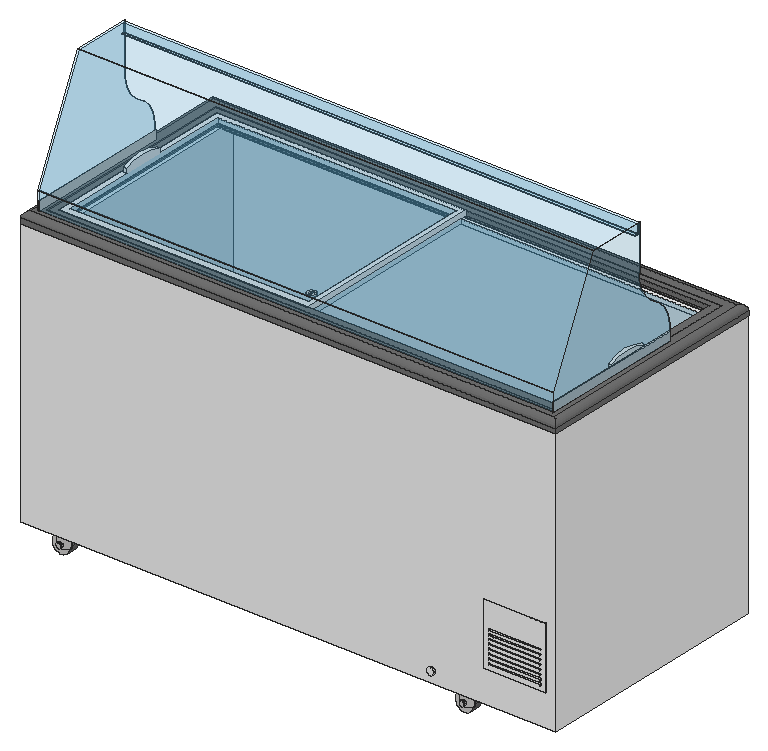
Revit family "Qf_Summit_NOVA53PDC_17 Cu.Ft. Dipping Cabinet", category Specialty Equipment, Revit 2020
Family settings
  Round Connector Dimension = Use Diameter
  Part Type = Normal
  Work Plane-Based = No
  Always vertical = Yes
  Cut with Voids When Loaded = No
  Shared = No
  Room Calculation Point = No
Parameters
  Weight in Pounds = 190
  Watts = FL Amps * Volts  # 483 W
  Volts = 115 V
  URL Cutsheet = ""
  Specification by User = ""
  Specification by Manufacturer = ""
  Show Clearance [instance] = yes
  Serial Number = ""
  Seismic Rating = ""
  SMACNA No = ""
  Revision Code = ""
  Refrigerant Volume = 0.00 kip
  Refrigerant Type = "R290a"
  Phase = 1
  Number of Poles = 1
  NAFEM Spec ID Number = ""
  Model = "NOVA53PDC"
  Min Ckt Ampacity = 0 A
  Max Overcurrent Protection = 0 A
  Masterspec = ""
  Manufacturer = "Summit"
  Length = 60 3/4"
  Item Number = ""
  Installed By = ""
  Identify Quantity as Lot = yes
  Height = 48 1/4"
  HP = ""
  Furnished By = ""
  Foodservice Equipment Identifier = yes
  FL Amps = 4.2 A
  Electrical Remarks = ""
  Electric Connection Type = ""
  Elec Conn RI Height = 0"
  Elec Conn Connection Height = 0"
  Description = "17 Cu.Ft. Dipping Cabinet"
  Depth = 27 1/4"
  Default Elevation = 0"
  Cycle = 60 Hz
  Conn Plug = ""
  Conn Conduit = yes
  CSI MasterFormat = ""
  Apparent Power = 828 VA
Reference planes (in)
  plane 1: z = 0
  plane 2 "LEFT": x = 0
  plane 3 "RIGHT": x = 60.75
  plane 4 "FRONT": y = -28
  plane 5 "TOP": z = 34.25
  plane 6 "Center Y": x = 30.375
  plane 7 "Center X": y = -14.375
  plane 8 "BACK": y = -0.75
  plane 9: z = 2.75
  plane 10: x = 0.75
  plane 11: x = 3.71343
  plane 12: x = 49.4375
  plane 13: x = 39.825
  plane 14: x = 31.95
  plane 15: x = 3.125
  plane 16: x = 57.625
  plane 17: z = 15.625
  plane 18: z = 5.875
  plane 19: x = 49.75
Forms (in)
  Sweep 1, solid, material "QF_Plastic_Dark_Grey"
    path origin (0, 0, 0) x (1, 0, 0) y (0, 1, 0)
      loop
        line (0, -0.75) -> (0, -28) -> (60.75, -28) -> (60.75, -0.75) -> (0, -0.75)
    profile origin (0, -14.375, 0) x (1, 0, 0) y (0, 0, 1)
      loop
        line (0, 33) -> (1.7, 33) -> (1.7, 34.25) -> (0.75, 34.25) -> (0.67874, 34.25)
        arc (0.67874, 34.25) -> (0.1988, 34.0512) -> (0, 33.57126) r 0.67874
        line (0, 33.57126) -> (0, 33)
  Extrusion 2, solid, material "QF_Metallic_Paint_White_Smooth"
    sketch origin (0, 0, 0) x (1, 0, 0) y (0, 1, 0)
      loop
        line (3.125, -27) -> (57.625, -27) -> (57.625, -1.75) -> (3.125, -1.75) -> (3.125, -27)
      loop
        line (60.75, -0.75) -> (0, -0.75) -> (0, -28) -> (60.75, -28) -> (60.75, -0.75)
    from 2.75 to 33
  Extrusion 3, solid, material "QF_Metallic_Paint_White_Smooth"
    sketch origin (0, 0, 0) x (1, 0, 0) y (0, 1, 0)
      loop
        line (2.4, -3.15) -> (2.4, -25.6) -> (30.625, -25.6) -> (30.625, -3.15) -> (2.4, -3.15)
      loop
        line (3.075, -3.8) -> (3.075, -24.8) -> (30.125, -24.8) -> (30.125, -3.8) -> (3.075, -3.8)
    from 33.70906 to 34.25
  Extrusion 4, solid, material "Glass"
    sketch origin (0, 0, 0) x (1, 0, 0) y (0, 1, 0)
      loop
        line (3.075, -3.8) -> (3.075, -24.8) -> (30.125, -24.8) -> (30.125, -3.8) -> (3.075, -3.8)
    from 33.63932 to 34.25
  Extrusion 5, solid, material "QF_Metallic_Paint_White_Smooth"
    sketch origin (0, -0.75, 0) x (1, 0, 0) y (0, 0, 1)
      loop
        line (1, 5.875) -> (1, 2.75) -> (59.75, 2.75) -> (59.75, 15.625) -> (49.75, 15.625) -> (49.75, 5.875) -> (1, 5.875)
    from 1 to 26.25
  Sweep 6, solid, material "QF_Plastic_Dark_Grey"
    path origin (30, 0, 34.27864) x (-1, 0, 0) y (0, -1, 0)
      loop
        line (27.7, 3.05) -> (27.7, 25.7) -> (-28.45, 25.7) -> (-28.45, 3.05) -> (27.7, 3.05)
    profile origin (30.375, -3.05, 34.27864) x (0, 1, 0) y (0, 0, 1)
      loop
        line (-0.1, -0.02864) -> (-0.1, -0.56958) -> (-0.33757, -0.56958) -> (-0.33757, -0.63932) -> (-0.1, -0.63932) -> (-0.1, -1.18026) -> (-0.33757, -1.18026) -> (-0.33757, -1.27864) -> (0.6, -1.27864) -> (0.6, -0.02864) -> (-0.1, -0.02864)
  Extrusion 7, solid, material "QF_Metallic_Paint_White_Smooth"
    sketch origin (30, 0, -0.61068) x (-1, 0, 0) y (0, -1, 0)
      loop
        line (-28.35, 3.15) -> (-0.125, 3.15) -> (-0.125, 25.45) -> (-28.35, 25.45) -> (-28.35, 3.15)
      loop
        line (-27.675, 3.8) -> (-0.625, 3.8) -> (-0.625, 24.8) -> (-27.675, 24.8) -> (-27.675, 3.8)
    from 33.70906 to 34.25
  Extrusion 8, solid, material "Glass"
    sketch origin (30, 0, -0.61068) x (-1, 0, 0) y (0, -1, 0)
      loop
        line (-27.675, 3.8) -> (-0.625, 3.8) -> (-0.625, 24.8) -> (-27.675, 24.8) -> (-27.675, 3.8)
    from 33.70906 to 34.25
  Extrusion 9, solid, material "QF_Metallic_Paint_White_Smooth"
    sketch origin (23.88, 0, 0) x (0, 1, 0) y (0, 0, 1)
      loop
        line (-16.73455, 34.25) -> (-12.01545, 34.25) -> (-12.01545, 34.75)
        arc (-12.01545, 34.75) -> (-14.375, 35.25) -> (-16.73455, 34.75) r 5.8175
        line (-16.73455, 34.75) -> (-16.73455, 34.25)
    from -21.18717 to -20.805
  Extrusion 10, solid, material "QF_Metallic_Paint_White_Smooth"
    sketch origin (6.12, 0, -0.61068) x (0, 1, 0) y (0, 0, -1)
      loop
        line (-16.73455, -34.25) -> (-16.73455, -34.75)
        arc (-16.73455, -34.75) -> (-14.375, -35.25) -> (-12.01545, -34.75) r 5.8175
        line (-12.01545, -34.75) -> (-12.01545, -34.25) -> (-16.73455, -34.25)
    from -51.93717 to -51.555
  Extrusion 11, solid, material "QF_Metallic_Paint_White_Smooth"
    sketch origin (0, -28, 0) x (1, 0, 0) y (0, 0, 1)
      loop
        line (52.625, 13.375) -> (52.625, 6.375) -> (59.625, 6.375) -> (59.625, 13.375) -> (52.625, 13.375)
      loop
        line (53.125, 10.625) -> (53.125, 10.375) -> (59.125, 10.375) -> (59.125, 10.625) -> (53.125, 10.625)
      loop
        line (59.125, 10.125) -> (53.125, 10.125) -> (53.125, 9.875) -> (59.125, 9.875) -> (59.125, 10.125)
      loop
        line (53.125, 9.625) -> (53.125, 9.375) -> (59.125, 9.375) -> (59.125, 9.625) -> (53.125, 9.625)
      loop
        line (59.125, 9.125) -> (53.125, 9.125) -> (53.125, 8.875) -> (59.125, 8.875) -> (59.125, 9.125)
      loop
        line (53.125, 8.625) -> (53.125, 8.375) -> (59.125, 8.375) -> (59.125, 8.625) -> (53.125, 8.625)
      loop
        line (59.125, 8.125) -> (53.125, 8.125) -> (53.125, 7.875) -> (59.125, 7.875) -> (59.125, 8.125)
      loop
        line (53.125, 7.625) -> (53.125, 7.375) -> (59.125, 7.375) -> (59.125, 7.625) -> (53.125, 7.625)
      loop
        line (59.125, 7.125) -> (53.125, 7.125) -> (53.125, 6.875) -> (59.125, 6.875) -> (59.125, 7.125)
    from 0 to 0.03125
  Extrusion 12, solid, material "QF_Metallic_Paint_White_Smooth"
    sketch origin (0, -0.75, 0) x (1, 0, 0) y (0, 0, 1)
      loop
        circle (57.75, 5.375) r 0.25
    from 0 to -0.23344
  Extrusion 13, solid, material "QF_Metallic_Paint_White_Smooth"
    sketch origin (0, -28, 0) x (1, 0, 0) y (0, 0, 1)
      loop
        circle (46.625, 4) r 0.40028
    from 0 to 0.15886
  Extrusion 14, solid, material "QF_Metal - Stainless - Polished"
    sketch origin (0.07561, 0.09001, 34.25) x (1, 0, 0) y (0, 1, 0)
      loop
        circle (29.29939, -23.52751) r 0.5
      loop
        circle (29.29939, -23.52751) r 0.25
      loop
        arc (29.33064, -23.57767) -> (29.29939, -23.46841) -> (29.26814, -23.57767) r 0.0591
        line (29.26814, -23.57767) -> (29.26814, -23.72445)
        arc (29.26814, -23.72445) -> (29.29939, -23.7557) -> (29.33064, -23.72445) r 0.03125
        line (29.33064, -23.72445) -> (29.33064, -23.57767)
    from 0.04239 to -0.05358
Cuts and joins
  joined: Extrusion 2, Extrusion 5, Extrusion 11, Extrusion 12
  joined: Extrusion 3, Extrusion 9
  joined: Extrusion 7, Extrusion 10
Lines and regions (in)
  Split face 1
    outline origin (52.625, -28.03125, 13.375) x (-1, 0, 0) y (0, 0, -1)
      loop
        arc (-2, 1.7125) -> (-2.02929, 1.78321) -> (-2.1, 1.8125) r 0.1
        line (-2.1, 1.8125) -> (-4.9, 1.8125)
        arc (-4.9, 1.8125) -> (-4.97071, 1.78321) -> (-5, 1.7125) r 0.1
        line (-5, 1.7125) -> (-5, 0.6)
        arc (-5, 0.6) -> (-4.97071, 0.52929) -> (-4.9, 0.5) r 0.1
        line (-4.9, 0.5) -> (-2.1, 0.5)
        arc (-2.1, 0.5) -> (-2.02929, 0.52929) -> (-2, 0.6) r 0.1
        line (-2, 0.6) -> (-2, 1.7125)
  Split face 2
    outline origin (52.625, -28.03125, 13.375) x (-1, 0, 0) y (0, 0, -1)
      loop
        line (-2.625, 0.6875) -> (-2.625, 1.375) -> (-4.374, 1.375) -> (-4.374, 0.6875) -> (-2.625, 0.6875)
  Split face 3
    outline origin (52.625, -28.03125, 13.375) x (-1, 0, 0) y (0, 0, -1)
      loop
        arc (-2.4061, 0.67406) -> (-2.3125, 0.54855) -> (-2.2189, 0.67406) r 0.09766
        arc (-2.2189, 0.67406) -> (-2.24545, 0.75668) -> (-2.26367, 0.84152) r 0.87424
        line (-2.26367, 0.84152) -> (-2.26974, 0.93917) -> (-2.35526, 0.93917) -> (-2.36133, 0.84152)
        arc (-2.36133, 0.84152) -> (-2.37955, 0.75668) -> (-2.4061, 0.67406) r 0.87424
  Split face 4
    outline origin (52.625, -28.03125, 13.375) x (-1, 0, 0) y (0, 0, -1)
      loop
        line (-4.59026, 0.82885) -> (-4.6875, 0.81322) -> (-4.78474, 0.82885) -> (-4.6875, 0.66041) -> (-4.59026, 0.82885)
  Split face 5
    outline origin (52.625, -28.03125, 13.375) x (-1, 0, 0) y (0, 0, -1)
      loop
        line (-4.6875, 1.09273) -> (-4.59026, 1.07711) -> (-4.6875, 1.24554) -> (-4.78474, 1.07711) -> (-4.6875, 1.09273)
  Split face 6
    outline origin (52.625, -28.03125, 13.375) x (-1, 0, 0) y (0, 0, -1)
      loop
        arc (-4.67187, 1.54954) -> (-4.6875, 1.73573) -> (-4.70312, 1.54954) r 0.09375
        line (-4.70312, 1.54954) -> (-4.70312, 1.48913) -> (-4.67187, 1.48913) -> (-4.67187, 1.54954)
  symbolic lines
    curve 1: line (0, -0.75, 0) -> (60.75, -0.75, 0)
    curve 2: line (0, -28, 0) -> (0, -0.75, 0)
    curve 3: line (60.75, -28, 0) -> (0, -28, 0)
    curve 4: line (60.75, -0.75, 0) -> (60.75, -28, 0)
    curve 5: line (1, -27, 0) -> (1, -1.75, 0)
    curve 6: line (1, -1.75, 0) -> (59.75, -1.75, 0)
    curve 7: line (59.75, -1.75, 0) -> (59.75, -27, 0)
    curve 8: line (59.75, -27, 0) -> (1, -27, 0)
    curve 9: line (59.05, -2.45, 0) -> (1.7, -2.45, 0)
    curve 10: line (1.7, -2.45, 0) -> (1.7, -26.3, 0)
    curve 11: line (1.7, -26.3, 0) -> (59.05, -26.3, 0)
    curve 12: line (59.05, -26.3, 0) -> (59.05, -2.45, 0)
    curve 13: line (2.4, -25.6, 0) -> (2.4, -3.15, 0)
    curve 14: line (2.4, -3.15, 0) -> (58.35, -3.15, 0)
    curve 15: line (58.35, -3.15, 0) -> (58.35, -25.6, 0)
    curve 16: line (58.35, -25.6, 0) -> (2.4, -25.6, 0)
    curve 17: line (30.125, -3.8, 0) -> (3.075, -3.8, 0)
    curve 18: line (3.075, -3.8, 0) -> (3.075, -24.8, 0)
    curve 19: line (3.075, -24.8, 0) -> (30.125, -24.8, 0)
    curve 20: line (30.125, -24.8, 0) -> (30.125, -3.8, 0)
    curve 21: line (30.625, -25.6, 0) -> (30.625, -3.15, 0)
    curve 22: line (30.625, -3.8, 0) -> (57.675, -3.8, 0)
    curve 23: line (57.675, -24.8, 0) -> (30.625, -24.8, 0)
    curve 24: line (57.675, -3.8, 0) -> (57.675, -24.8, 0)
    curve 25: arc (28.875, -23.4375, 0) -> (29.375, -23.9375, 0) -> (29.875, -23.4375, 0) r 0.5
    curve 26: arc (29.875, -23.4375, 0) -> (29.375, -22.9375, 0) -> (28.875, -23.4375, 0) r 0.5
    curve 27: arc (29.625, -23.4375, 0) -> (29.375, -23.6875, 0) -> (29.125, -23.4375, 0) r 0.25
    curve 28: arc (29.125, -23.4375, 0) -> (29.375, -23.1875, 0) -> (29.625, -23.4375, 0) r 0.25
    curve 29: line (29.40625, -23.63444, 0) -> (29.40625, -23.48766, 0)
    curve 30: arc (29.40625, -23.48766, 0) -> (29.375, -23.3784, 0) -> (29.34375, -23.48766, 0) r 0.0591
    curve 31: line (29.34375, -23.48766, 0) -> (29.34375, -23.63444, 0)
    curve 32: arc (29.34375, -23.63444, 0) -> (29.375, -23.66569, 0) -> (29.40625, -23.63444, 0) r 0.03125
    curve 33: line (3.075, -12.01545, 0) -> (2.69283, -12.01545, 0)
    curve 34: line (2.69283, -12.01545, 0) -> (2.69283, -16.73455, 0)
    curve 35: line (2.69283, -16.73455, 0) -> (3.075, -16.73455, 0)
    curve 36: line (57.675, -12.01545, 0) -> (58.05717, -12.01545, 0)
    curve 37: line (58.05717, -12.01545, 0) -> (58.05717, -16.73455, 0)
    curve 38: line (58.05717, -16.73455, 0) -> (57.675, -16.73455, 0)
    curve 39: line (49.75, -3.8, 0) -> (49.75, -24.8, 0)
Dimensions and locks (in)
  equal spacing: plane 2 "LEFT", plane 6 "Center Y", plane 3 "RIGHT"
  "Length": plane 2 "LEFT" to plane 3 "RIGHT"
  equal spacing: plane 4 "FRONT", plane 7 "Center X", plane 8 "BACK"
  nested 5 to level = 48 1/4"
  plane 3 "RIGHT" to plane 2 "LEFT" = 60 3/4"
  plane 5 "TOP" to level = 34 1/4"  (x2)
  "Depth": plane 4 "FRONT" to plane 8 "BACK"
  plane 9 to level = 2 3/4"
  locked: plane 11 to plane 2 "LEFT" at 3.71343
  locked: plane 3 "RIGHT" to plane 12 at 11.3125
  plane 5 "TOP" to cut or joined group of Extrusion 2, Extrusion 5, Extrusion 11, Extrusion 12 = 31 1/2"
  Extrusion 2 sketch curve to plane 3 "RIGHT" = 3 1/8"
  plane 13 to Extrusion 5 sketch curve = 9.925"
  locked: Extrusion 5 sketch curve to plane 3 "RIGHT" at 1
  locked: Sweep 6 sketch curve to plane 3 "RIGHT" at 2.3
  Extrusion 3 sketch curve to plane 6 "Center Y" to Extrusion 3 sketch curve = 1/4" locked, 1/4" locked
  cut or joined group of Extrusion 7, Extrusion 10 to cut or joined group of Extrusion 7, Extrusion 10 to cut or joined group of Extrusion 7, Extrusion 10 to plane 3 "RIGHT" = 0" locked, 0.38217", 2.69283"
  nested 5 to plane 5 "TOP" = 14"
  plane 15 to plane 16 = 54 1/2"
  locked: plane 16 to plane 19 at 7.875
  locked: plane 17 to plane 18 at 9.75
  plane 18 to level = 5 7/8"
  aligned and locked: level to plane 1
  aligned and locked: nested 1 to plane 11
  aligned and locked: nested 2 to plane 11
  aligned and locked: nested 3 to plane 12
  aligned and locked: nested 4 to plane 12
  aligned and locked: Extrusion 3 to Extrusion 4  (x3)
  aligned and locked: Extrusion 8 to Extrusion 7  (x3)
  aligned and locked: Extrusion 2 sketch curve to plane 3 "RIGHT"
  aligned and locked: Sweep 1 sketch curve to plane 3 "RIGHT"
  aligned and locked: cut or joined group of Extrusion 7, Extrusion 10 to cut or joined group of Extrusion 7, Extrusion 10
  aligned and locked: plane 6 "Center Y" to nested 5
  aligned and locked: nested 5 to plane 5 "TOP"
  aligned and locked: plane 18 to cut or joined group of Extrusion 2, Extrusion 5, Extrusion 11, Extrusion 12
  aligned and locked: plane 17 to cut or joined group of Extrusion 2, Extrusion 5, Extrusion 11, Extrusion 12
  aligned and locked: cut or joined group of Extrusion 2, Extrusion 5, Extrusion 11, Extrusion 12 to plane 16
Automatic sketch dimensions
  Extrusion 9 sketch curve to plane 5 "TOP" = 0"
  Extrusion 9 sketch curve to plane 7 "Center X" = 0"
  Extrusion 9 sketch curve to plane 7 "Center X" = 2.35955"
  plane 5 "TOP" to Extrusion 9 sketch curve = 1/2"
  plane 7 "Center X" to Extrusion 9 sketch curve = 2.35955"
  Extrusion 9 sketch curve to plane 5 "TOP" = 4.8175"
  Extrusion 10 sketch curve to plane 5 "TOP" = 0.61068"
  Extrusion 10 sketch curve to plane 7 "Center X" = 0"
  Extrusion 10 sketch curve to plane 7 "Center X" = 2.35955"
  Extrusion 10 sketch curve to plane 5 "TOP" = 0.11068"
  plane 7 "Center X" to Extrusion 10 sketch curve = 2.35955"
  Extrusion 10 sketch curve to plane 5 "TOP" = 5.42818"
  Sweep 1 sketch curve to plane 2 "LEFT" = 0"
  plane 4 "FRONT" to Sweep 1 sketch curve = 0"
  plane 8 "BACK" to Sweep 1 sketch curve = 0"
  profile plane to Sweep 1 sketch curve = 0"
  plane 10 to Sweep 1 sketch curve = 0"
  Sweep 1 sketch curve to Sweep 1 sketch curve = 0.07126"
  Sweep 1 sketch curve to plane 10 = 0.95"
  level to Sweep 1 sketch curve = 33"
  Sweep 1 sketch curve to Sweep 1 sketch curve = 0.57126"
  Extrusion 2 sketch curve to plane 2 "LEFT" = 0"
  Extrusion 2 sketch curve to plane 15 = 0"
  plane 4 "FRONT" to Extrusion 2 sketch curve = 0"
  plane 8 "BACK" to Extrusion 2 sketch curve = 0"
  Extrusion 2 sketch curve to plane 4 "FRONT" = 1"
  plane 8 "BACK" to Extrusion 2 sketch curve = 1"
  plane 15 to Extrusion 3 sketch curve = 0.05"
  plane 15 to Extrusion 3 sketch curve = 0.725"
  Extrusion 3 sketch curve to plane 4 "FRONT" = 2.4"
  Extrusion 3 sketch curve to Extrusion 3 sketch curve = 0.8"
  plane 8 "BACK" to Extrusion 3 sketch curve = 3.05"
  Extrusion 3 sketch curve to Extrusion 3 sketch curve = 0.65"
  plane 15 to Extrusion 4 sketch curve = 0.05"
  Extrusion 4 sketch curve to plane 6 "Center Y" = 1/4"
  Extrusion 4 sketch curve to plane 4 "FRONT" = 3.2"
  plane 8 "BACK" to Extrusion 4 sketch curve = 3.05"
  Extrusion 5 sketch curve to plane 18 = 0"
  Extrusion 5 sketch curve to plane 9 = 0"
  Extrusion 5 sketch curve to plane 17 = 0"
  plane 2 "LEFT" to Extrusion 5 sketch curve = 1"
  plane 15 to Sweep 6 sketch curve = 0.825"
  plane 8 "BACK" to Sweep 6 sketch curve = 2.3"
  Sweep 6 sketch curve to plane 4 "FRONT" = 2.3"
  profile plane to Sweep 6 sketch curve = 0.33757"  (x2)
  profile plane to Sweep 6 sketch curve = 0.1"
  Sweep 6 sketch curve to Sweep 6 sketch curve = 0"
  Sweep 6 sketch curve to profile plane = 0.02864"
  Sweep 6 sketch curve to profile plane = 0.6"
  Sweep 6 sketch curve to profile plane = 0.56958"
  Sweep 6 sketch curve to Sweep 6 sketch curve = 0.06974"
  Sweep 6 sketch curve to Sweep 6 sketch curve = 0.54094"
  Sweep 6 sketch curve to Sweep 6 sketch curve = 0.09838"
  Extrusion 7 sketch curve to plane 16 = 0.725"
  Extrusion 7 sketch curve to plane 16 = 0.05"
  Extrusion 7 sketch curve to plane 6 "Center Y" = 1/4"
  plane 6 "Center Y" to Extrusion 7 sketch curve = 1/4"
  plane 4 "FRONT" to Extrusion 7 sketch curve = 2.55"
  Extrusion 7 sketch curve to Extrusion 7 sketch curve = 0.65"  (x2)
  Extrusion 7 sketch curve to plane 8 "BACK" = 3.05"
  Extrusion 8 sketch curve to plane 16 = 0.05"
  Extrusion 8 sketch curve to plane 6 "Center Y" = 1/4"
  plane 4 "FRONT" to Extrusion 8 sketch curve = 3.2"
  Extrusion 8 sketch curve to plane 8 "BACK" = 3.05"
  plane 18 to Extrusion 11 sketch curve = 1/2"
  plane 19 to Extrusion 11 sketch curve = 2 7/8"
  Extrusion 11 sketch curve to Extrusion 11 sketch curve = 1/2"  (x4)
  Extrusion 11 sketch curve to Extrusion 11 sketch curve = 0"  (x13)
  plane 16 to Extrusion 11 sketch curve = 1 1/2"
  Extrusion 11 sketch curve to Extrusion 11 sketch curve = 1/4"  (x15)
  Extrusion 11 sketch curve to plane 17 = 2 1/4"
  cut or joined group of Extrusion 2, Extrusion 5, Extrusion 11, Extrusion 12 to Split face 1 sketch curve = 1 1/2"
  Split face 1 sketch curve to Split face 1 sketch curve = 0.1"  (x3)
  Split face 1 sketch curve to cut or joined group of Extrusion 2, Extrusion 5, Extrusion 11, Extrusion 12 = 0.6"
  cut or joined group of Extrusion 2, Extrusion 5, Extrusion 11, Extrusion 12 to Split face 1 sketch curve = 1.6"
  Split face 1 sketch curve to Split face 1 sketch curve = 0"
  Split face 1 sketch curve to cut or joined group of Extrusion 2, Extrusion 5, Extrusion 11, Extrusion 12 = 1.0375"
  Split face 2 sketch curve to cut or joined group of Extrusion 2, Extrusion 5, Extrusion 11, Extrusion 12 = 11/16"
  cut or joined group of Extrusion 2, Extrusion 5, Extrusion 11, Extrusion 12 to Split face 2 sketch curve = 2.126"
  Split face 2 sketch curve to Split face 2 sketch curve = 1.749"
  Split face 2 sketch curve to Split face 2 sketch curve = 11/16"
  Split face 3 sketch curve to cut or joined group of Extrusion 2, Extrusion 5, Extrusion 11, Extrusion 12 = 0.98248"
  cut or joined group of Extrusion 2, Extrusion 5, Extrusion 11, Extrusion 12 to Split face 3 sketch curve = 2.72413"
  Split face 3 sketch curve to cut or joined group of Extrusion 2, Extrusion 5, Extrusion 11, Extrusion 12 = 0.84152"  (x2)
  Split face 3 sketch curve to Split face 3 sketch curve = 0.8628"
  Split face 3 sketch curve to Split face 3 sketch curve = 0.00606"
  Split face 3 sketch curve to Split face 3 sketch curve = 0.04883"
  Split face 3 sketch curve to Split face 3 sketch curve = 0.08553"
  Split face 3 sketch curve to Split face 3 sketch curve = 25/256"  (x2)
  Split face 3 sketch curve to Split face 3 sketch curve = 0.86886"
  Split face 3 sketch curve to Split face 3 sketch curve = 25/128"
  Split face 3 sketch curve to Split face 3 sketch curve = 0.04331"
  Split face 3 sketch curve to Split face 3 sketch curve = 0.0936"
  Split face 4 sketch curve to cut or joined group of Extrusion 2, Extrusion 5, Extrusion 11, Extrusion 12 = 0.82885"  (x2)
  cut or joined group of Extrusion 2, Extrusion 5, Extrusion 11, Extrusion 12 to Split face 4 sketch curve = 1.71526"
  Split face 4 sketch curve to cut or joined group of Extrusion 2, Extrusion 5, Extrusion 11, Extrusion 12 = 0.66041"
  Split face 4 sketch curve to Split face 4 sketch curve = 0.09724"  (x3)
  Split face 4 sketch curve to cut or joined group of Extrusion 2, Extrusion 5, Extrusion 11, Extrusion 12 = 0.81322"
  cut or joined group of Extrusion 2, Extrusion 5, Extrusion 11, Extrusion 12 to Split face 5 sketch curve = 1.71526"
  Split face 5 sketch curve to Split face 5 sketch curve = 0.09724"  (x2)
  Split face 5 sketch curve to Split face 5 sketch curve = 0"  (x2)
  Split face 5 sketch curve to cut or joined group of Extrusion 2, Extrusion 5, Extrusion 11, Extrusion 12 = 1.07711"
  Split face 5 sketch curve to Split face 5 sketch curve = 1/64"
  Split face 5 sketch curve to Split face 5 sketch curve = 0.15281"
  cut or joined group of Extrusion 2, Extrusion 5, Extrusion 11, Extrusion 12 to Split face 6 sketch curve = 1 51/64"
  Split face 6 sketch curve to Split face 6 sketch curve = 1/64"
  Split face 6 sketch curve to Split face 6 sketch curve = 1/32"
  Split face 6 sketch curve to cut or joined group of Extrusion 2, Extrusion 5, Extrusion 11, Extrusion 12 = 1.26087"
  Split face 6 sketch curve to Split face 6 sketch curve = 0.06041"
  Split face 6 sketch curve to Split face 6 sketch curve = 0.09244"
  plane 16 to Extrusion 12 sketch curve = 1/8"
  Extrusion 12 sketch curve to plane 18 = 1/2"
  Extrusion 13 sketch curve to plane 9 = 1 1/4"
  Extrusion 13 sketch curve to plane 12 = 2 13/16"
  Extrusion 14 sketch curve to Extrusion 14 sketch curve = 0"  (x6)
  Extrusion 14 sketch curve to Extrusion 4 = 25/32"
  Extrusion 14 sketch curve to Extrusion 14 sketch curve = 1/32"  (x2)
  Extrusion 14 sketch curve to Extrusion 4 = 1.16556"
  Extrusion 14 sketch curve to Extrusion 14 sketch curve = 0.14678"
  Extrusion 14 sketch curve to Extrusion 14 sketch curve = 0.05016"
  curve 25 to curve 27 = 0"  (x2)
  curve 25 to curve 30 = 0"  (x2)
  curve 3 to plane 2 "LEFT" = 0"
  curve 39 to plane 19 = 0"
  curve 4 to plane 3 "RIGHT" = 0"
  plane 4 "FRONT" to curve 3 = 0"
  plane 8 "BACK" to curve 2 = 0"
  plane 2 "LEFT" to curve 5 = 1"
  curve 5 to curve 10 = 0.7"
  plane 15 to curve 14 = 0.725"
  plane 15 to curve 34 = 0.43217"
  plane 15 to curve 17 = 0.05"
  curve 31 to plane 6 "Center Y" = 1 1/32"
  curve 31 to curve 26 = 1/32"
  curve 31 to curve 32 = 1/32"
  curve 20 to plane 6 "Center Y" = 1/4"
  plane 16 to curve 22 = 0.05"
  curve 36 to curve 37 = 0.38217"
  plane 16 to curve 15 = 0.725"
  curve 15 to curve 12 = 0.7"
  curve 11 to curve 8 = 0.7"
  curve 7 to plane 4 "FRONT" = 1"
  curve 5 to curve 11 = 0.7"
  curve 10 to curve 16 = 0.7"
  curve 13 to curve 19 = 0.8"
  curve 15 to curve 24 = 0.8"
  curve 19 to curve 29 = 1.16556"
  curve 29 to curve 29 = 0.14678"
  curve 31 to curve 28 = 0.05016"
  curve 34 to plane 7 "Center X" = 2.35955"
  curve 38 to plane 7 "Center X" = 2.35955"
  plane 7 "Center X" to curve 37 = 2.35955"
  plane 7 "Center X" to curve 34 = 2.35955"
  plane 8 "BACK" to curve 22 = 3.05"
  curve 20 to curve 22 = 0"
  curve 22 to curve 15 = 0.65"
  curve 14 to curve 12 = 0.7"
  curve 9 to curve 6 = 0.7"
  curve 26 to curve 30 = 15/32"
  curve 27 to curve 30 = 7/32"
  plane 6 "Center Y" to curve 22 = 1/4"
  radius of Extrusion 12 sketch curve = 1/4"
  radius of Extrusion 13 sketch curve = 0.40028"
  radius of Extrusion 14 sketch curve = 1/2"
  radius of Extrusion 14 sketch curve = 1/4"
Nested families (in)
  nested 1: "2-34 INCHES_CASTER" at (3.71343, -25.875, 0) x (0, -1, 0) z (0, 0, 1), type "2-34 INCHES_CASTER"
    with Type Mark "", Specification by User "", Show 4.25" Casters yes, Right Lock yes, Revision Code "", Left Lock yes, Item Number "", Installed By "", Identify Quantity as Lot yes, Furnished By "", Foodservice Equipment Identifier yes
  nested 2: "2-34 INCHES_CASTER" at (3.71343, -2.875, 0) x (0, -1, 0) z (0, 0, 1), type "2-34 INCHES_CASTER"
    with Type Mark "", Specification by User "", Show 4.25" Casters yes, Right Lock yes, Revision Code "", Left Lock yes, Item Number "", Installed By "", Identify Quantity as Lot yes, Furnished By "", Foodservice Equipment Identifier yes
  nested 3: "2-34 INCHES_CASTER" at (49.4375, -25.875, 0) x (0, -1, 0) z (0, 0, 1), type "2-34 INCHES_CASTER"
    with Type Mark "", Specification by User "", Show 4.25" Casters yes, Right Lock yes, Revision Code "", Left Lock yes, Item Number "", Installed By "", Identify Quantity as Lot yes, Furnished By "", Foodservice Equipment Identifier yes
  nested 4: "2-34 INCHES_CASTER" at (49.4375, -2.875, 0) x (0, -1, 0) z (0, 0, 1), type "2-34 INCHES_CASTER"
    with Type Mark "", Specification by User "", Show 4.25" Casters yes, Right Lock yes, Revision Code "", Left Lock yes, Item Number "", Installed By "", Identify Quantity as Lot yes, Furnished By "", Foodservice Equipment Identifier yes
  nested 5: "FSNEEZEGUARD for NOVA 53" at (3.3, 3.25, 33), type "FSNEEZEGUARD for NOVA 53"
Connectors (in)
  electrical at (57.75, -0.51656, 5.375)
    settings: on cut or joined group of Extrusion 2, Extrusion 5, Extrusion 11, Extrusion 12, index 1, voltage 0 V, apparent load 0 VA, apparent load phase1 0 VA, apparent load phase2 0 VA, apparent load phase3 0 VA, power factor 1, load classification "Other", number of poles 1, system type 31, power factor state 1, is connector primary yes, connector utility no, sub classification motor no, connector description "Electrical Inlet"
  piping at (46.625, -28.15886, 4), diameter 0.75
    settings: on Extrusion 13, index 2, connector inside diameter 24", connector length 0", flow factor 0, pipe flow 0 GPM, pressure drop 0.00 psi, fitting loss kfactor 0, connector angle 0.00°, fixture units 0, engagement length 0", angle of deflection 0.00°, flow configuration 1, flow direction 2, fitting loss method 0, system type 16, joint type 0, gender type 0, connector reference index -1, connector utility 0, adjustable connector no, is connector primary yes, connector description "Drain"
Definition of nested family "2-34 INCHES_CASTER"
  Parameters (values of type "2-34 INCHES_CASTER")
    Weight = ""
    URL Manufacturer = ""
    URL Cutsheet = ""
    URL = ""
    Type Mark [instance] = ""
    Specification by User [instance] = ""
    Specification by Manufacturer = ""
    Show 4.25" Casters [instance] = yes
    Serial Number = ""
    Seismic Rating = ""
    SMACNA No = ""
    Right Lock [instance] = yes
    Revision Code [instance] = ""
    Omniclass Number and Title = ""
    NAFEM Spec ID Number = ""
    Model = ""
    MasterSpec. = ""
    Manufacturer = ""
    Left Lock [instance] = yes
    Item Number [instance] = ""
    Installed By [instance] = ""
    Identify Quantity as Lot [instance] = yes
    Furnished By [instance] = ""
    Foodservice Equipment Identifier [instance] = yes
    Description = ""
    Default Elevation = 0"
    CSI MasterFormat = ""
    CSI Master Format = ""
    Assembly Code = ""
  Reference planes (in)
    plane 1: z = 0
    plane 2 "RIGHT": x = 0
    plane 3 "FRONT": y = 0
    plane 4 "TOP": z = 2.74
    plane 5: z = 2.74
  Forms (in)
    Extrusion 1, solid, visible <- "Show 4.25" Casters"
      sketch origin (-0.60795, -3.50665, 0) x (0, 1, 0) y (0, 0, 1)
        loop
          arc (4.4375, 2.09375) -> (4.42835, 2.11585) -> (4.40625, 2.125) r 0.03125
          line (4.40625, 2.125) -> (4.34375, 2.125)
          arc (4.34375, 2.125) -> (4.32165, 2.13415) -> (4.3125, 2.15625) r 0.03125
          line (4.3125, 2.15625) -> (4.3125, 2.59375)
          arc (4.3125, 2.59375) -> (4.32165, 2.61585) -> (4.34375, 2.625) r 0.03125
          line (4.34375, 2.625) -> (4.625, 2.625) -> (4.625, 2.75) -> (2.625, 2.75) -> (2.625, 2.625) -> (2.90625, 2.625)
          arc (2.90625, 2.625) -> (2.92835, 2.61585) -> (2.9375, 2.59375) r 0.03125
          line (2.9375, 2.59375) -> (2.9375, 2.15625)
          arc (2.9375, 2.15625) -> (2.92835, 2.13415) -> (2.90625, 2.125) r 0.03125
          line (2.90625, 2.125) -> (2.84375, 2.125)
          arc (2.84375, 2.125) -> (2.82165, 2.11585) -> (2.8125, 2.09375) r 0.03125
          line (2.8125, 2.09375) -> (2.8125, 0.75)
          arc (2.8125, 0.75) -> (2.84911, 0.66161) -> (2.9375, 0.625) r 0.125
          line (2.9375, 0.625) -> (3.3125, 0.625) -> (4.35203, 0.97151)
          arc (4.35203, 0.97151) -> (4.41391, 1.01701) -> (4.4375, 1.09009) r 0.125
          line (4.4375, 1.09009) -> (4.4375, 2.09375)
      from 0 to -0.09291
    Extrusion 2, solid, visible <- "Show 4.25" Casters"
      sketch origin (-0.60795, -3.50665, 0) x (0, 1, 0) y (0, 0, 1)
        loop
          line (4.625, 2.75) -> (2.625, 2.75) -> (2.625, 2.625) -> (4.625, 2.625) -> (4.625, 2.75)
      from 0 to 1.2159
    Extrusion 3, solid, visible <- "Show 4.25" Casters"
      sketch origin (-0.60795, -3.50665, 0) x (0, 1, 0) y (0, 0, 1)
        loop
          line (3.46896, 1.1625) -> (3.1875, 1.325) -> (2.90604, 1.1625) -> (2.90604, 0.8375) -> (3.1875, 0.675) -> (3.46896, 0.8375) -> (3.46896, 1.1625)
      from -0.27106 to -0.09291
    Extrusion 4, solid, visible <- "Show 4.25" Casters"
      sketch origin (-0.60795, -3.50665, 0) x (0, 1, 0) y (0, 0, 1)
        loop
          circle (3.1875, 1) r 0.28146
      from -0.31535 to 1.53554
    Extrusion 5, solid, visible <- "Show 4.25" Casters"
      sketch origin (-0.60795, -3.50665, 0) x (0, 1, 0) y (0, 0, 1)
        loop
          circle (3.1875, 1) r 1
      from 0.03554 to 1.18465
    Extrusion 6, solid, visible <- "Show 4.25" Casters"
      sketch origin (-0.60795, -3.50665, 0) x (0, 1, 0) y (0, 0, 1)
        loop
          line (2.90625, 2.125) -> (2.84375, 2.125)
          arc (2.84375, 2.125) -> (2.82165, 2.11585) -> (2.8125, 2.09375) r 0.03125
          line (2.8125, 2.09375) -> (4.4375, 2.09375)
          arc (4.4375, 2.09375) -> (4.42835, 2.11585) -> (4.40625, 2.125) r 0.03125
          line (4.40625, 2.125) -> (4.34375, 2.125)
          arc (4.34375, 2.125) -> (4.32165, 2.13415) -> (4.3125, 2.15625) r 0.03125
          line (4.3125, 2.15625) -> (4.3125, 2.59375)
          arc (4.3125, 2.59375) -> (4.32165, 2.61585) -> (4.34375, 2.625) r 0.03125
          line (4.34375, 2.625) -> (2.90625, 2.625)
          arc (2.90625, 2.625) -> (2.92835, 2.61585) -> (2.9375, 2.59375) r 0.03125
          line (2.9375, 2.59375) -> (2.9375, 2.15625)
          arc (2.9375, 2.15625) -> (2.92835, 2.13415) -> (2.90625, 2.125) r 0.03125
      from 0 to 1.2159
    Extrusion 7, solid, visible <- "Show 4.25" Casters"
      sketch origin (0.60795, -3.50665, 0) x (0, 1, 0) y (0, 0, -1)
        loop
          line (4.4375, -2.09375) -> (4.4375, -1.09009)
          arc (4.4375, -1.09009) -> (4.41391, -1.01701) -> (4.35203, -0.97151) r 0.125
          line (4.35203, -0.97151) -> (3.3125, -0.625) -> (2.9375, -0.625)
          arc (2.9375, -0.625) -> (2.84911, -0.66161) -> (2.8125, -0.75) r 0.125
          line (2.8125, -0.75) -> (2.8125, -2.09375)
          arc (2.8125, -2.09375) -> (2.82165, -2.11585) -> (2.84375, -2.125) r 0.03125
          line (2.84375, -2.125) -> (2.90625, -2.125)
          arc (2.90625, -2.125) -> (2.92835, -2.13415) -> (2.9375, -2.15625) r 0.03125
          line (2.9375, -2.15625) -> (2.9375, -2.59375)
          arc (2.9375, -2.59375) -> (2.92835, -2.61585) -> (2.90625, -2.625) r 0.03125
          line (2.90625, -2.625) -> (2.625, -2.625) -> (2.625, -2.75) -> (4.625, -2.75) -> (4.625, -2.625) -> (4.34375, -2.625)
          arc (4.34375, -2.625) -> (4.32165, -2.61585) -> (4.3125, -2.59375) r 0.03125
          line (4.3125, -2.59375) -> (4.3125, -2.15625)
          arc (4.3125, -2.15625) -> (4.32165, -2.13415) -> (4.34375, -2.125) r 0.03125
          line (4.34375, -2.125) -> (4.40625, -2.125)
          arc (4.40625, -2.125) -> (4.42835, -2.11585) -> (4.4375, -2.09375) r 0.03125
      from 0 to -0.09291
    Extrusion 8, solid, visible <- "Show 4.25" Casters"
      sketch origin (0.60795, -3.50665, 0) x (0, 1, 0) y (0, 0, -1)
        loop
          line (3.46896, -1.1625) -> (3.46896, -0.8375) -> (3.1875, -0.675) -> (2.90604, -0.8375) -> (2.90604, -1.1625) -> (3.1875, -1.325) -> (3.46896, -1.1625)
      from -0.27106 to -0.09291
  Cuts and joins
    joined: Extrusion 1, Extrusion 2, Extrusion 3, Extrusion 4, Extrusion 5, Extrusion 6, Extrusion 7, Extrusion 8
  Lines and regions (in)
    symbolic lines, visible <- "Show 4.25" Casters"
      curve 1: line (0.28481, 1.83041, 0) -> (1.24556, 1.27572, 0)
      curve 2: line (-1.26206, -0.84886, 0) -> (0.28481, 1.83041, 0)
      curve 3: line (-0.30132, -1.40355, 0) -> (-1.26206, -0.84886, 0)
      curve 4: line (1.24556, 1.27572, 0) -> (-0.30132, -1.40355, 0)
  Dimensions and locks (in)
    plane 4 "TOP" to level = 2.74"  (x2)
    aligned and locked: level to plane 1
    aligned and locked: Extrusion 6 to Extrusion 7
    aligned and locked: Extrusion 2 to Extrusion 7
Definition of nested family "FSNEEZEGUARD for NOVA 53"
  Parameters (values of type "FSNEEZEGUARD for NOVA 53")
    Model = ""
    Manufacturer = ""
    Length = 58 1/2"
    Height = 15 1/4"
    Description = ""
    Depth = 16 1/2"
    Default Elevation = 0"
  Reference planes (in)
    plane 1 "BACK": y = -13.625
    plane 2: z = 0
    plane 3 "LEFT": x = -2.175
    plane 4 "RIGHT": x = 56.325
    plane 5 "FRONT": y = -30.125
    plane 6 "TOP": z = 15.25
    plane 7 "Center Y": x = 27.075
    plane 8 "Center X": y = -21.875
    plane 9: z = 1.25
    plane 10: z = 3.25
    plane 11: z = 2.25
    plane 12: z = 10.25
    plane 13: z = 14
  Forms (in)
    Extrusion 1, solid
      sketch origin (23.88, 0, 0) x (0, 1, 0) y (0, 0, 1)
        loop
          line (-30, 1.25) -> (-30, 3.22229) -> (-24.38717, 15.125) -> (-18.09181, 15.125) -> (-18.09181, 14.125) -> (-18.46681, 14.125) -> (-18.46681, 14) -> (-17.96681, 14) -> (-17.96681, 15.25) -> (-24.46681, 15.25) -> (-30.125, 3.25) -> (-30.125, 1.25) -> (-30, 1.25)
      from -26.055 to 32.445
    Extrusion 2, solid
      sketch origin (23.88, 0, 0) x (0, 1, 0) y (0, 0, 1)
        loop
          line (-30, 1.25) -> (-13.625, 1.25) -> (-13.625, 2.81069)
          arc (-13.625, 2.81069) -> (-14.23911, 4.81516) -> (-15.76759, 6.25) r 4.07972
          arc (-15.76759, 6.25) -> (-17.47369, 8.00035) -> (-17.87306, 10.41179) r 4.07972
          line (-17.87306, 10.41179) -> (-17.87306, 15.25) -> (-24.40431, 15.25) -> (-30, 3.25) -> (-30, 1.25)
      from -26.055 to -25.93
    Extrusion 3, solid
      sketch origin (0.52, 0, 0) x (0, 1, 0) y (0, 0, -1)
        loop
          line (-30, -1.25) -> (-30, -3.25) -> (-24.40431, -15.25) -> (-17.87306, -15.25) -> (-17.87306, -10.41179)
          arc (-17.87306, -10.41179) -> (-17.47369, -8.00035) -> (-15.76759, -6.25) r 4.07972
          arc (-15.76759, -6.25) -> (-14.23911, -4.81516) -> (-13.625, -2.81069) r 4.07972
          line (-13.625, -2.81069) -> (-13.625, -1.25) -> (-30, -1.25)
      from -55.805 to -55.68
    Extrusion 4, solid
      sketch origin (0.52, 0, 0) x (0, 1, 0) y (0, 0, -1)
        loop
          line (-30.125, -2.25) -> (-13.625, -2.25) -> (-13.625, -1.25) -> (-30.125, -1.25) -> (-30.125, -2.25)
      from 2.54996 to 2.57
    Extrusion 5, solid
      sketch origin (22.88, 0, 0) x (0, 1, 0) y (0, 0, 1)
        loop
          line (-30.125, 2.25) -> (-30.125, 1.25) -> (-13.625, 1.25) -> (-13.625, 2.25) -> (-30.125, 2.25)
      from 33.29996 to 33.32
  Cuts and joins
    joined: Extrusion 1, Extrusion 2, Extrusion 3
  Lines and regions (in)
    symbolic lines
      curve 1: line (-2.175, -13.625, 19.5) -> (-2.05, -13.625, 19.5)
      curve 2: line (-2.175, -30.125, 19.5) -> (-2.175, -13.625, 19.5)
      curve 3: line (-2.05, -30.125, 19.5) -> (-2.175, -30.125, 19.5)
      curve 4: line (-2.05, -13.625, 19.5) -> (-2.05, -30.125, 19.5)
      curve 5: line (-2.175, -13.625, 19.5) -> (56.325, -13.625, 19.5)
      curve 6: line (-2.175, -30.25, 19.5) -> (-2.175, -13.625, 19.5)
      curve 7: line (56.325, -30.25, 19.5) -> (-2.175, -30.25, 19.5)
      curve 8: line (56.325, -13.625, 19.5) -> (56.325, -30.25, 19.5)
      curve 9: line (56.325, -30.125, 19.5) -> (56.2, -30.125, 19.5)
      curve 10: line (56.325, -13.625, 19.5) -> (56.325, -30.125, 19.5)
      curve 11: line (56.2, -13.625, 19.5) -> (56.325, -13.625, 19.5)
      curve 12: line (56.2, -30.125, 19.5) -> (56.2, -13.625, 19.5)
      curve 13: line (56.2, -13.75, 19.5) -> (-2.05, -13.75, 19.5)
      curve 14: line (-2.05, -18.0625, 19.5) -> (56.2, -18.0625, 19.5)
      curve 15: line (-2.175, -18.5625, 19.5) -> (56.325, -18.5625, 19.5)
      curve 16: line (-2.175, -24.5625, 19.5) -> (56.325, -24.5625, 19.5)
      curve 17: line (-2.175, -30.125, 19.5) -> (56.325, -30.125, 19.5)
      curve 18: line (56.2, -17.96681, 19.5) -> (-2.05, -17.96681, 19.5)
  Dimensions and locks (in)
    equal spacing: plane 3 "LEFT", plane 7 "Center Y", plane 4 "RIGHT"
    "Length": plane 3 "LEFT" to plane 4 "RIGHT"
    equal spacing: plane 5 "FRONT", plane 8 "Center X", plane 1 "BACK"
    "Depth": plane 5 "FRONT" to plane 1 "BACK"
    "Height": plane 6 "TOP" to level
    plane 4 "RIGHT" to plane 3 "LEFT" = 58 1/2"
    plane 5 "FRONT" to plane 1 "BACK" = 16 1/2"  (x2)
    plane 6 "TOP" to level = 15 1/4"
    plane 9 to plane 6 "TOP" = 14"
    locked: cut or joined group of Extrusion 1, Extrusion 2, Extrusion 3 to cut or joined group of Extrusion 1, Extrusion 2, Extrusion 3 at 0.125
    locked: Extrusion 5 to Extrusion 5 at 0.02004
    aligned and locked: level to plane 2
    aligned and locked: Extrusion 1 to plane 3 "LEFT"
    aligned and locked: Extrusion 1 to plane 4 "RIGHT"
    aligned and locked: cut or joined group of Extrusion 1, Extrusion 2, Extrusion 3 to plane 4 "RIGHT"
    aligned and locked: Extrusion 5 to cut or joined group of Extrusion 1, Extrusion 2, Extrusion 3
  Automatic sketch dimensions
    plane 1 "BACK" to curve 1 = 0"
    curve 1 to plane 3 "LEFT" = 0"
    plane 5 "FRONT" to curve 3 = 0"
    curve 9 to plane 4 "RIGHT" = 0"
    plane 3 "LEFT" to curve 3 = 1/8"
    plane 4 "RIGHT" to curve 9 = 1/8"
    curve 7 to curve 9 = 1/8"
    curve 16 to plane 8 "Center X" = 2 11/16"
    plane 8 "Center X" to curve 15 = 3 5/16"
    curve 15 to curve 14 = 1/2"
    curve 14 to curve 18 = 0.09569"
    plane 1 "BACK" to curve 13 = 1/8"
    Extrusion 1 sketch curve to plane 5 "FRONT" = 0"
    plane 9 to Extrusion 1 sketch curve = 0"
    Extrusion 1 sketch curve to plane 6 "TOP" = 0"
    plane 13 to Extrusion 1 sketch curve = 0"
    plane 10 to Extrusion 1 sketch curve = 0"
    Extrusion 1 sketch curve to Extrusion 1 sketch curve = 1/8"  (x2)
    Extrusion 1 sketch curve to plane 8 "Center X" = 2.59181"
    Extrusion 1 sketch curve to plane 6 "TOP" = 1/8"
    Extrusion 1 sketch curve to Extrusion 1 sketch curve = 0.07963"
    plane 8 "Center X" to Extrusion 1 sketch curve = 3.40819"
    Extrusion 1 sketch curve to Extrusion 1 sketch curve = 3/8"
    plane 10 to Extrusion 1 sketch curve = 0.02771"
    Extrusion 1 sketch curve to plane 13 = 1/8"
    plane 9 to Extrusion 2 sketch curve = 0"
    plane 10 to Extrusion 2 sketch curve = 0"
    Extrusion 2 sketch curve to plane 6 "TOP" = 0"
    Extrusion 2 sketch curve to plane 1 "BACK" = 0"
    plane 1 "BACK" to Extrusion 2 sketch curve = 0.20832"
    Extrusion 2 sketch curve to plane 11 = 0.40797"
    plane 1 "BACK" to Extrusion 2 sketch curve = 4.07686"
    plane 8 "Center X" to Extrusion 2 sketch curve = 4.00194"
    Extrusion 2 sketch curve to plane 8 "Center X" = 2.52931"
    Extrusion 2 sketch curve to plane 5 "FRONT" = 1/8"
    plane 10 to Extrusion 2 sketch curve = 0.43931"
    plane 12 to Extrusion 2 sketch curve = 0.40797"
    Extrusion 2 sketch curve to plane 12 = 0.16179"
    plane 9 to Extrusion 3 sketch curve = 0"
    plane 10 to Extrusion 3 sketch curve = 0"
    Extrusion 3 sketch curve to plane 6 "TOP" = 0"
    Extrusion 3 sketch curve to plane 1 "BACK" = 0"
    plane 1 "BACK" to Extrusion 3 sketch curve = 0.20832"
    Extrusion 3 sketch curve to plane 11 = 0.40797"
    plane 1 "BACK" to Extrusion 3 sketch curve = 4.07686"
    plane 8 "Center X" to Extrusion 3 sketch curve = 4.00194"
    Extrusion 3 sketch curve to plane 8 "Center X" = 2.52931"
    Extrusion 3 sketch curve to plane 5 "FRONT" = 1/8"
    Extrusion 3 sketch curve to plane 12 = 0.16179"
    plane 12 to Extrusion 3 sketch curve = 0.40797"
    plane 10 to Extrusion 3 sketch curve = 0.43931"
    Extrusion 4 sketch curve to plane 5 "FRONT" = 0"
    Extrusion 4 sketch curve to plane 1 "BACK" = 0"
    plane 11 to Extrusion 4 sketch curve = 0"
    plane 9 to Extrusion 4 sketch curve = 0"
    Extrusion 5 sketch curve to plane 5 "FRONT" = 0"
    Extrusion 5 sketch curve to plane 1 "BACK" = 0"
    plane 9 to Extrusion 5 sketch curve = 0"
    plane 11 to Extrusion 5 sketch curve = 0"
